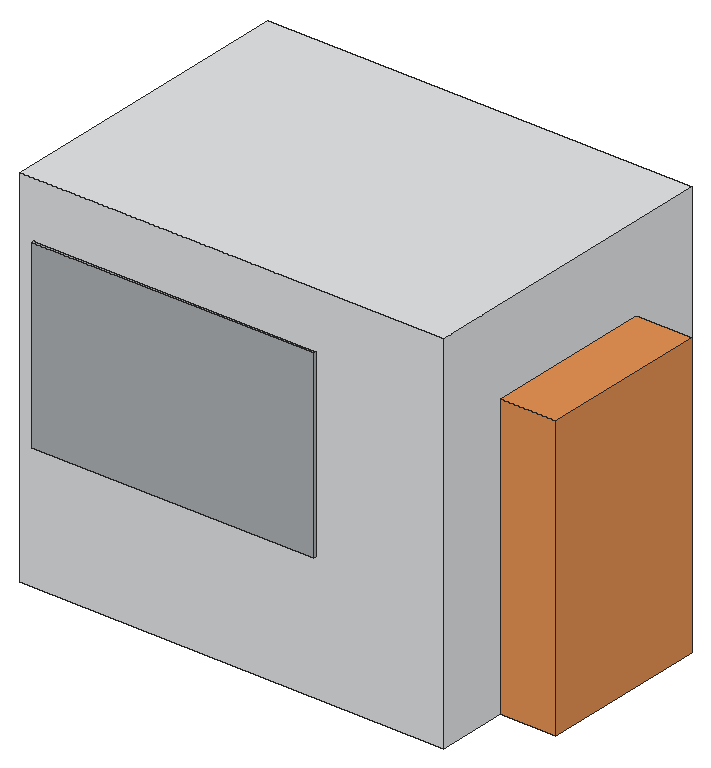
Revit family "LD_CNC Machining Center", category Mechanical Equipment, Revit 2025
Family settings
  Round Connector Dimension = Use Diameter
  Part Type = Normal
  OmniClass Number = 23.75.00.00
  OmniClass Title = Climate Control (HVAC)
  Work Plane-Based = No
  Always vertical = Yes
  Cut with Voids When Loaded = No
  Maintain Annotation Orientation = No
  Shared = No
  Room Calculation Point = No
Parameters (values of type "30 kW")
  EL Voltage [instance] = 400 V
  EL Number of Poles [instance] = 3
  EL Apparent Load [instance] = 35300 VA
  Default Elevation = 0 mm
Reference planes
  plane 1 "Center (Front/Back)": y = 0
  plane 2: z = 0
  plane 3 "Center (Left/Right)": x = 0
Forms (mm)
  Extrusion 1, solid, material "CNC Light Grey"
    sketch origin (0, 0, 0) x (1, 0, 0) y (0, 1, 0)
      loop
        line (-1500, -1100) -> (1500, -1100) -> (1500, 1100) -> (-1500, 1100) -> (-1500, -1100)
    from 0 to 2600
  Extrusion 2, solid, material "Machine Steel"
    sketch origin (0, 0, 900) x (1, 0, 0) y (0, 1, 0)
      loop
        line (-1400, -1120) -> (600, -1120) -> (600, -1100) -> (-1400, -1100) -> (-1400, -1120)
    from 0 to 1300
  Extrusion 3, solid, material "CNC Orange"
    sketch origin (0, 0, 0) x (1, 0, 0) y (0, 1, 0)
      loop
        line (1500, -600) -> (1900, -600) -> (1900, 600) -> (1500, 600) -> (1500, -600)
    from 0 to 2000
Dimensions and locks
  aligned and locked: level to plane 2
Connectors
  electrical at (0, 0, 2600), driven by "EL Voltage", driven by "EL Number of Poles", driven by "EL Apparent Load"
    settings: on Extrusion 1, index 1, voltage 400 V, apparent load 35300 VA, apparent load phase1 0 VA, apparent load phase2 0 VA, apparent load phase3 0 VA, power factor 0.85, load classification "Other", number of poles 3, system type 30, power factor state 1, is connector primary yes, connector utility no, sub classification motor no, connector description ""
